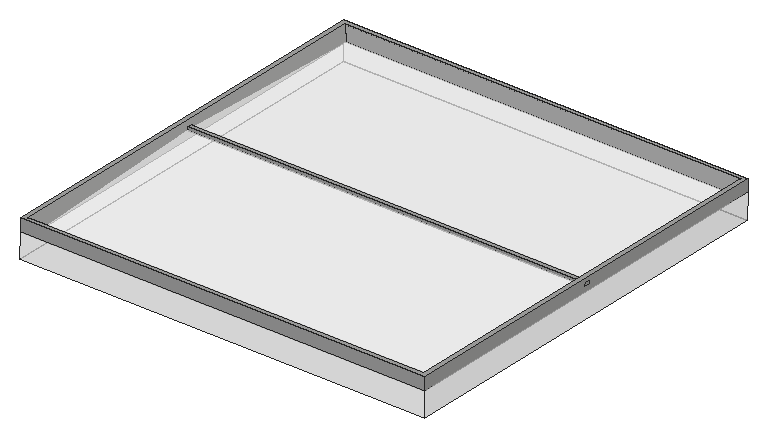
Revit family "VSY22", category Lighting Fixtures, host Face, Revit 2021
Family settings
  Host = Face
  Round Connector Dimension = Use Diameter
  Part Type = Normal
  OmniClass Number = 23.80.70.11
  OmniClass Title = Luminaries for Internal Lighting
  Cut with Voids When Loaded = No
  Light Source = Yes
  Shared = No
  Room Calculation Point = No
Parameters (values of type "VSY22")
  zz Length = Row Length - 1"  # 23"
  Width = 24"
  Wattage = 30 W
  Warranty = "Five-year warranty"  # constant formula
  built-in parameter 1150110 = 1 (stored number, unit not read)
  Voltage = 120 V
  Wattage Comments = "18-61 W"  # constant formula
  URL = "https://www.currentlighting.com/columbia"
  built-in parameter 1114217 = 1 (stored number, unit not read)
  Tilt Angle = -90.00°
  built-in parameter 1150109 = 1 (stored number, unit not read)
  built-in parameter 1150134 = 3
  built-in parameter 1150113 = 1 (stored number, unit not read)
  Product Documentation Link = ""
  Prodcut Link = ""
  Photometric Web File = "VSY22-30HLHE-EDU.ies"
  built-in parameter 1150142 = "IESNA:LM-63-1995\r\n[TEST] 23441\r\n[DATE] 5/15/2019\r\n[MANUFAC] COLUMBIA LIGHTING\r\n[LUMCAT] VSY22-30HLHE-EDU\r\n[LUMINAIRE] Versify™ Architectural Edge Lit, Recessed Architectural\r\n[MORE] 2' x 2' Led with acrylic diffuser\r\n[MORE] Data Scaled from Test# 19.00854\r\n[LAMPCAT] Led\r\n[BALLASTCAT] XI040C110V054BST1\r\n[BALLAST] EDU\r\n[_MOUNTING] Recessed\r\n[_BALLASTFACTOR] 1.00\r\n[_SHIELDING_ANGLE_0] 90\r\n[_SHIELDING_ANGLE_90] 90\r\nTILT=NONE\r\n1 -1 1.0 37 5 1 1 1.91 1.91 0.00\r\n1.00 1 26.02\r\n0.00 2.50 5.00 7.50 10.00 12.50 15.00 17.50 20.00 22.50 25.00 27.50 30.00 32.50\r\n35.00 37.50 40.00 42.50 45.00 47.50 50.00 52.50 55.00 57.50 60.00 62.50 65.00\r\n67.50 70.00 72.50 75.00 77.50 80.00 82.50 85.00 87.50 90.00\r\n0.00 22.50 45.00 67.50 90.00\r\n1428 1427 1421 1411 1396 1378 1356 1330 1300 1266 1229 1188 1145 1099 1051 1002\r\n950 899 846 793 738 684 631 577 523 471 420 369 321 273 226 181 138 98 60 25 1\r\n1428 1427 1421 1410 1395 1377 1354 1328 1298 1264 1228 1187 1143 1097 1049 999\r\n948 897 844 791 737 684 630 576 522 470 419 368 320 271 222 177 132 91 54 20 0\r\n1428 1427 1421 1410 1395 1377 1354 1328 1297 1264 1228 1188 1145 1100 1053 1003\r\n953 901 849 797 743 689 635 580 524 469 417 365 315 265 218 173 129 88 51 17 0\r\n1428 1427 1420 1408 1393 1374 1351 1324 1293 1260 1224 1184 1142 1098 1051 1003\r\n954 903 852 799 745 688 632 575 520 466 412 360 310 261 213 168 125 84 46 16 0\r\n1428 1426 1419 1408 1393 1374 1351 1324 1293 1260 1224 1185 1142 1098 1053 1006\r\n957 907 855 804 748 692 636 581 525 470 418 365 315 265 217 171 128 85 47 17 0\r\n"
  Model = "VSY22"  # constant formula
  Manufacturer = "Columbia Lighting"  # constant formula
  Row Length = 24"
  built-in parameter 1150105 = 334.23 (stored number, unit not read)
  Lumens = 4200 lm
  built-in parameter 1150115 = 1 (stored number, unit not read)
  Load Classification = Lighting
  built-in parameter 1150137 = (empty or 0)
  built-in parameter 1150139 = (empty or 0)
  built-in parameter 1150112 = 1 (stored number, unit not read)
  built-in parameter 1150114 = 1 (stored number, unit not read)
  Lamp = "LED lamp"  # constant formula
  Light Bulb = White Glass
  built-in parameter 1150132 = (empty or 0)
  built-in parameter 1150102 = (empty or 0)
  built-in parameter 1150107 = 3200 (stored number, unit not read)
  built-in parameter 1150138 = (empty or 0)
  built-in parameter 1150106 = 3.3423 (stored number, unit not read)
  Frame = Paint-Gray Smooth
  Features = "Architectural styling in an edge-lit luminaire\r\n• High efficiency acrylic lens featuring edge lit technology\r\n• Ideal for offices, schools, medical, and public spaces\r\n• Up to 147 lumens per watt\r\n• Stylish controls integration\r\n• 2inch overall depth, 2 1/4inch with emergency battery pack\r\n• Certified UL924 for fixtures with battery or DTS (Dimming Bypass\r\nModule) options"  # constant formula
  Emit from Rectangle Width = Width  # 24"
  Emit from Rectangle Length = Row Length  # 24"
  Emit Shape Visible in Rendering = no
  built-in parameter 1150104 = 13.006 (stored number, unit not read)
  Dimming Lamp Color Temperature Shift = <None>
  Description = "VERSIFY™ 2'X2' ARCHITECTURAL EDGE-LIT"  # constant formula
  Default Elevation = 48"
  Contact us = ""
  Color Filter = 16777215
  Certifications = "IC label is standard for recessed products\r\n• All luminaires are built to UL1598 and\r\n2108 standards, and bear appropriate\r\ncCSAus labels\r\n• Damp Location label standard. Emergencyequipped fixtures labeled UL 924\r\n• Adheres to LM79, LM80, and TM21\r\nindustry standards\r\n• The DTS, Dimming"
  built-in parameter 1114218 = 1 (stored number, unit not read)
  Backbox = White
  built-in parameter 1150133 = 10 (stored number, unit not read)
  Apparent Load = 0 VA
Reference planes (in)
  plane 1 "Center (Front/Back)": y = 0.03999
  plane 2: z = 0
  plane 3 "Center (Left/Right)": x = 1.66944
  plane 4: x = -10.33056
  plane 5: x = 13.66944
  plane 6: z = -2
  plane 7: y = -11.96001
  plane 8: y = 12.03999
  plane 9: z = 0.125
Forms (in)
  Extrusion 1, void
    sketch origin (0, 0.03999, 0) x (1, 0, 0) y (0, 0, 1)
      loop
        line (-10.33056, 0) -> (-10.33056, -2) -> (13.66944, -2) -> (13.66944, 0) -> (-10.33056, 0)
    from -12 to 12
  Sweep 2, solid, material "Paint-Gray Smooth" <- "Frame"
    path origin (0, 0, 0) x (1, 0, 0) y (0, 1, 0)
      loop
        line (-10.33056, 12.03999) -> (-10.33056, -11.96001) -> (13.66944, -11.96001) -> (13.66944, 12.03999) -> (-10.33056, 12.03999)
    profile origin (1.66944, 12.03999, 0) x (0, 1, 0) y (0, 0, 1)
      loop
        line (-0.25, 0.21875) -> (-0.60016, -0.48156) -> (0, -0.5) -> (0, 0.21875) -> (-0.25, 0.21875)
  Sweep 3, solid, material "Paint-Gray Smooth" <- "Frame"
    path origin (0, 0, 0) x (1, 0, 0) y (0, 1, 0)
      loop
        line (-10.33056, 0.03999) -> (13.66944, 0.03999)
    profile origin (1.66944, 0.03999, 0) x (0, 1, 0) y (0, 0, 1)
      loop
        line (0.14533, 0) -> (-0.125, 0) -> (-0.125, -0.17867) -> (0.14533, -0.17867) -> (0.14533, 0)
  Extrusion 4, solid, material "White Glass" <- "Light Bulb"
    sketch origin (1.66944, 0, 0) x (0, 1, 0) y (0, 0, 1)
      loop
        line (12.03999, -2) -> (12.03999, -0.5) -> (0.14954, -0.13468) -> (-0.05423, -0.13468) -> (-11.96001, -0.5) -> (-11.96001, -2) -> (12.03999, -2)
    from -12 to 12
Dimensions and locks (in)
  equal spacing: plane 5, plane 3 "Center (Left/Right)", plane 4
  "Row Length": plane 5 to plane 4
  equal spacing: plane 7, plane 1 "Center (Front/Back)", plane 8
  "Width": plane 7 to plane 8
  plane 9 to plane 2 = 1/8"
  plane 9 to plane 6 = 2 1/8"
  plane 4 to plane 5 = 24"
  aligned and locked: plane 2 to host face
  aligned and locked: level to host face
  aligned and locked: Extrusion 1 sketch curve to level
  aligned and locked: plane 4 to Extrusion 1 sketch curve
  aligned and locked: Extrusion 1 sketch curve to plane 5
  aligned and locked: plane 6 to Extrusion 1 sketch curve
  aligned and locked: Extrusion 1 to plane 8
  aligned and locked: Extrusion 1 to plane 7
  aligned and locked: plane 8 to Sweep 2 sketch curve
  aligned and locked: plane 4 to Sweep 2 sketch curve
  aligned and locked: plane 7 to Sweep 2 sketch curve
  aligned and locked: Sweep 2 sketch curve to plane 5
  aligned and locked: Extrusion 4 to plane 4
  aligned and locked: plane 5 to Extrusion 4
Automatic sketch dimensions
  host sketch curve to host sketch curve = 96"  (x2)
  plane 1 "Center (Front/Back)" to Sweep 3 sketch curve = 0"
  Sweep 3 sketch curve to plane 4 = 0"
  Sweep 3 sketch curve to plane 5 = 0"
  Extrusion 4 sketch curve to plane 7 = 0"
  Extrusion 4 sketch curve to plane 8 = 0"
  Extrusion 4 sketch curve to plane 6 = 0"
  plane 1 "Center (Front/Back)" to Extrusion 4 sketch curve = 0.09422"
  Extrusion 4 sketch curve to plane 1 "Center (Front/Back)" = 0.10955"
  Extrusion 4 sketch curve to level = 1/2"  (x2)
  Extrusion 4 sketch curve to level = 0.13468"
  Sweep 3 sketch curve to level = 0"
  profile plane to Sweep 3 sketch curve = 1/8"
  Sweep 3 sketch curve to profile plane = 0.14533"
  Sweep 3 sketch curve to level = 0.17867"
  level to Sweep 2 sketch curve = 7/32"
  Sweep 2 sketch curve to Sweep 2 sketch curve = 1/4"
  Sweep 2 sketch curve to profile plane = 0"
  profile plane to Sweep 2 sketch curve = 0.60016"
  Sweep 2 sketch curve to level = 0.48156"
  Sweep 2 sketch curve to level = 1/2"
Connectors (in)
  electrical at (1.66944, 0.03999, -0.125)
    settings: on Sweep 2, index 1, voltage 0 V, apparent load 0 VA, apparent load phase1 0 VA, apparent load phase2 0 VA, apparent load phase3 0 VA, power factor 1, load classification "Other", number of poles 1, system type 30, power factor state 1, is connector primary yes, connector utility no, sub classification motor no, connector description "Lighting Connector"
